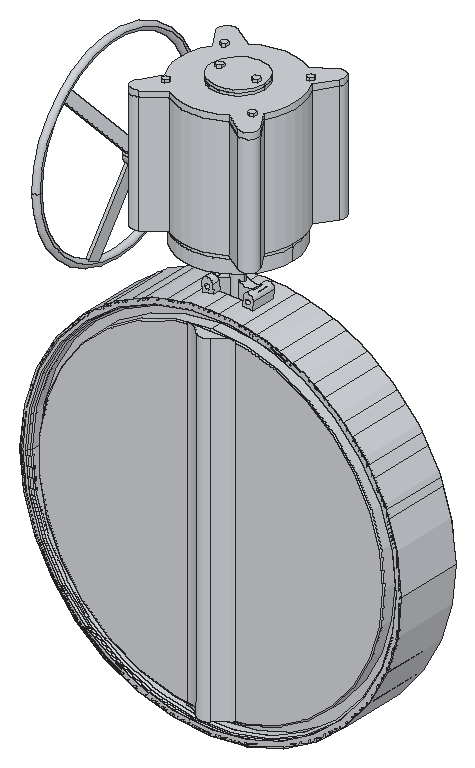
Revit family "R59WX050", category Plumbing Fixtures, Revit 2015
Reference planes
  plane 1 "Center (Front/Back)": y = 0
  plane 2: z = 0
  plane 3 "Center (Left/Right)": x = 0
  plane 4: z = 480
  plane 5: z = 730
  plane 6: z = 187
  plane 7: z = -388
  plane 8: z = -30
  plane 9: z = 536.038
  plane 10: z = -30
  plane 11: y = -17.262
  plane 12: y = 17.262
  plane 13: x = -105
  plane 14: z = 744
  plane 15: x = 226
  plane 16: y = -64.287
  plane 17: y = 62.713
  plane 18: z = 455
  plane 19: x = -241
  plane 20: z = 342
Forms (mm)
  Extrusion 1, solid
    sketch origin (0, 0, 462.391) x (1, 0, 0) y (0, 1, 0)
      loop
        circle (0, 0) r 105
    from -7.391 to 17.609
  Extrusion 2, solid
    sketch origin (0, 0, -76.95) x (1, 0, 0) y (0, 1, 0)
      loop
        circle (0, 0) r 12
    from 437.861 to 531.95
  Revolve 3, solid
    sketch origin (0, 0, 0) x (0, 1, 0) y (0, 0, 1)
      loop
        line (-39.5, -358.688) -> (39.5, -358.688) -> (39.5, -329.679) -> (60.986, -329.679)
        arc (60.986, -329.679) -> (62.207, -329.173) -> (62.713, -327.951) r 1.728
        line (62.713, -327.951) -> (62.713, 0) -> (-64.287, 0) -> (-64.287, -327.951)
        arc (-64.287, -327.951) -> (-63.781, -329.173) -> (-62.559, -329.679) r 1.728
        line (-62.559, -329.679) -> (-39.5, -329.679) -> (-39.5, -358.688)
      axis (62.713, 0) -> (-64.287, 0)
    angle from 0 to 360
  Extrusion 4, solid
    sketch origin (-32.126, 28.082, 299.981) x (0.933413, 0, -0.358805) y (0.358805, 0, 0.933413)
      loop
        line (-18.251, 60.114) -> (-25.459, 74.264)
        arc (-25.459, 74.264) -> (-38.908, 78.635) -> (-43.28, 65.186) r 10
        line (-43.28, 65.186) -> (-36.072, 51.036) -> (-18.251, 60.114)
      loop
        circle (-32.1, 65.269) r 5
    from -10.991 to 37.009
  Extrusion 5, solid
    sketch origin (18.896, -132.284, 489.391) x (-0.707107, -0.707107, 0) y (0.707107, -0.707107, 0)
      loop
        line (6.619, -122.207) -> (1.336, -117.615) -> (-5.283, -119.894) -> (-6.619, -126.765) -> (-1.336, -131.358) -> (5.283, -129.079) -> (6.619, -122.207)
    from 0 to 3.746
  Extrusion 6, solid
    sketch origin (18.896, -132.284, 468.391) x (-0.707107, -0.707107, 0) y (0.707107, -0.707107, 0)
      loop
        circle (0, -124.486) r 3
    from -20.186 to 21
  Extrusion 7, solid
    sketch origin (18.896, -132.284, 454) x (-0.707107, -0.707107, 0) y (0.707107, -0.707107, 0)
      loop
        line (3.99, -123.113) -> (0.805, -120.344) -> (-3.184, -121.718) -> (-3.99, -125.86) -> (-0.805, -128.628) -> (3.184, -127.254) -> (3.99, -123.113)
      loop
        line (-3.444, -125.672) -> (-0.695, -128.061) -> (2.749, -126.876) -> (3.444, -123.301) -> (0.695, -120.911) -> (-2.749, -122.097) -> (-3.444, -125.672)
    from -1.968 to 1
  Extrusion 8, solid
    sketch origin (49.205, -126.837, 615.966) x (-0.707107, -0.707107, 0) y (0.707107, -0.707107, 0)
      loop
        line (-80.879, -231.371) -> (-71.737, -274.379)
        arc (-71.737, -274.379) -> (-54.895, -288.018) -> (-38.053, -274.379) r 17.218
        line (-38.053, -274.379) -> (-28.912, -231.371)
        arc (-28.912, -231.371) -> (22.88, -202.269) -> (51.985, -150.479) r 109.994
        line (51.985, -150.479) -> (95.021, -141.332)
        arc (95.021, -141.332) -> (108.659, -124.49) -> (95.021, -107.648) r 17.218
        line (95.021, -107.648) -> (51.988, -98.501)
        arc (51.988, -98.501) -> (22.886, -46.703) -> (-28.909, -17.596) r 109.994
        line (-28.909, -17.596) -> (-38.053, 25.426)
        arc (-38.053, 25.426) -> (-54.895, 39.064) -> (-71.737, 25.426) r 17.218
        line (-71.737, 25.426) -> (-80.882, -17.596)
        arc (-80.882, -17.596) -> (-132.673, -46.699) -> (-161.775, -98.49) r 109.994
        line (-161.775, -98.49) -> (-204.798, -107.635)
        arc (-204.798, -107.635) -> (-218.436, -124.477) -> (-204.798, -141.318) r 17.218
        line (-204.798, -141.318) -> (-161.779, -150.462)
        arc (-161.779, -150.462) -> (-132.677, -202.263) -> (-80.879, -231.371) r 109.994
    from -126.575 to 101.703
  Sweep 9, solid
    path origin (0, 0, 0) x (1, 0, 0) y (0, 0, 1)
      loop
        circle (0, 0) r 364
    profile origin (0, 0, -364) x (0, 0, 1) y (0, -1, 0)
      loop
        line (10.888, -62.713) -> (12.517, -60.371) -> (13.454, -56.874) -> (16.683, -53.645) -> (16.683, 55.218) -> (13.454, 58.447) -> (12.517, 61.945) -> (10.888, 64.287) -> (0.625, 64.287) -> (0.625, -62.713) -> (10.888, -62.713)
  Extrusion 10, solid
    sketch origin (0, 0, 301.215) x (1, 0, 0) y (0, 0, 1)
      loop
        line (-27.454, 59.697) -> (28.665, 59.697) -> (37.875, 86.446)
        arc (37.875, 86.446) -> (15.623, 86.938) -> (0.632, 103.389) r 28.254
        arc (0.632, 103.389) -> (-16.161, 86.192) -> (-40.117, 88.147) r 28.254
        line (-40.117, 88.147) -> (-27.454, 59.697)
    from -7.881 to 9.454
  Sweep 11, solid
    path origin (-0.002, 0, 0) x (1, 0, 0) y (0, 0, 1)
      loop
        circle (0, 0) r 364
    profile origin (-0.002, 0, -364) x (0, 0, 1) y (0, -1, 0)
      loop
        line (0, 64.287) -> (0, -62.713) -> (3.927, -62.713) -> (3.927, 64.287) -> (0, 64.287)
  Extrusion 12, solid
    sketch origin (-27.966, 28.082, -300.397) x (-0.843784, 0, 0.536683) y (-0.536683, 0, -0.843784)
      loop
        line (-18.251, 60.114) -> (-25.459, 74.264)
        arc (-25.459, 74.264) -> (-38.908, 78.635) -> (-43.28, 65.186) r 10
        line (-43.28, 65.186) -> (-36.072, 51.036) -> (-18.251, 60.114)
      loop
        circle (-32.1, 65.269) r 5
    from -10.991 to 37.009
  Extrusion 13, solid
    sketch origin (157.284, 43.896, 489.391) x (0.707107, -0.707107, 0) y (0.707107, 0.707107, 0)
      loop
        line (6.619, -122.207) -> (1.336, -117.615) -> (-5.283, -119.894) -> (-6.619, -126.765) -> (-1.336, -131.358) -> (5.283, -129.079) -> (6.619, -122.207)
    from 0 to 3.746
  Extrusion 14, solid
    sketch origin (157.284, 43.896, 468.391) x (0.707107, -0.707107, 0) y (0.707107, 0.707107, 0)
      loop
        circle (0, -124.486) r 3
    from -20.186 to 21
  Extrusion 15, solid
    sketch origin (157.284, 43.896, 454) x (0.707107, -0.707107, 0) y (0.707107, 0.707107, 0)
      loop
        line (3.99, -123.113) -> (0.805, -120.344) -> (-3.184, -121.718) -> (-3.99, -125.86) -> (-0.805, -128.628) -> (3.184, -127.254) -> (3.99, -123.113)
      loop
        line (-3.444, -125.672) -> (-0.695, -128.061) -> (2.749, -126.876) -> (3.444, -123.301) -> (0.695, -120.911) -> (-2.749, -122.097) -> (-3.444, -125.672)
    from -1.968 to 1
  Extrusion 16, solid
    sketch origin (-18.896, 132.284, 489.391) x (0.707107, 0.707107, 0) y (-0.707107, 0.707107, 0)
      loop
        line (6.619, -122.207) -> (1.336, -117.615) -> (-5.283, -119.894) -> (-6.619, -126.765) -> (-1.336, -131.358) -> (5.283, -129.079) -> (6.619, -122.207)
    from 0 to 3.746
  Extrusion 17, solid
    sketch origin (-18.896, 132.284, 468.391) x (0.707107, 0.707107, 0) y (-0.707107, 0.707107, 0)
      loop
        circle (0, -124.486) r 3
    from -20.186 to 21
  Extrusion 18, solid
    sketch origin (-18.896, 132.284, 454) x (0.707107, 0.707107, 0) y (-0.707107, 0.707107, 0)
      loop
        line (3.99, -123.113) -> (0.805, -120.344) -> (-3.184, -121.718) -> (-3.99, -125.86) -> (-0.805, -128.628) -> (3.184, -127.254) -> (3.99, -123.113)
      loop
        line (-3.444, -125.672) -> (-0.695, -128.061) -> (2.749, -126.876) -> (3.444, -123.301) -> (0.695, -120.911) -> (-2.749, -122.097) -> (-3.444, -125.672)
    from -1.968 to 1
  Extrusion 19, solid
    sketch origin (-157.284, -43.896, 489.391) x (-0.707107, 0.707107, 0) y (-0.707107, -0.707107, 0)
      loop
        line (6.619, -122.207) -> (1.336, -117.615) -> (-5.283, -119.894) -> (-6.619, -126.765) -> (-1.336, -131.358) -> (5.283, -129.079) -> (6.619, -122.207)
    from 0 to 3.746
  Extrusion 20, solid
    sketch origin (-157.284, -43.896, 468.391) x (-0.707107, 0.707107, 0) y (-0.707107, -0.707107, 0)
      loop
        circle (0, -124.486) r 3
    from -20.186 to 21
  Extrusion 21, solid
    sketch origin (-157.284, -43.896, 454) x (-0.707107, 0.707107, 0) y (-0.707107, -0.707107, 0)
      loop
        line (3.99, -123.113) -> (0.805, -120.344) -> (-3.184, -121.718) -> (-3.99, -125.86) -> (-0.805, -128.628) -> (3.184, -127.254) -> (3.99, -123.113)
      loop
        line (-3.444, -125.672) -> (-0.695, -128.061) -> (2.749, -126.876) -> (3.444, -123.301) -> (0.695, -120.911) -> (-2.749, -122.097) -> (-3.444, -125.672)
    from -1.968 to 1
  Extrusion 22, solid
    sketch origin (-5.763, 157.917, 728.616) x (0.707107, 0.707107, 0) y (-0.707107, 0.707107, 0)
      loop
        line (6.619, -122.207) -> (1.336, -117.615) -> (-5.283, -119.894) -> (-6.619, -126.765) -> (-1.336, -131.358) -> (5.283, -129.079) -> (6.619, -122.207)
    from 0 to 4.617
  Extrusion 23, solid
    sketch origin (-5.763, 157.917, 614.045) x (0.707107, 0.707107, 0) y (-0.707107, 0.707107, 0)
      loop
        circle (0, -124.486) r 3
    from 66.681 to 114.571
  Extrusion 24, solid
    sketch origin (170.417, 18.263, 728.616) x (0.707107, -0.707107, 0) y (0.707107, 0.707107, 0)
      loop
        line (6.619, -122.207) -> (1.336, -117.615) -> (-5.283, -119.894) -> (-6.619, -126.765) -> (-1.336, -131.358) -> (5.283, -129.079) -> (6.619, -122.207)
    from 0 to 4.617
  Extrusion 25, solid
    sketch origin (170.417, 18.263, 614.045) x (0.707107, -0.707107, 0) y (0.707107, 0.707107, 0)
      loop
        circle (0, -124.486) r 3
    from 66.681 to 114.571
  Extrusion 26, solid
    sketch origin (5.763, -157.917, 728.616) x (-0.707107, -0.707107, 0) y (0.707107, -0.707107, 0)
      loop
        line (6.619, -122.207) -> (1.336, -117.615) -> (-5.283, -119.894) -> (-6.619, -126.765) -> (-1.336, -131.358) -> (5.283, -129.079) -> (6.619, -122.207)
    from 0 to 4.617
  Extrusion 27, solid
    sketch origin (5.763, -157.917, 614.045) x (-0.707107, -0.707107, 0) y (0.707107, -0.707107, 0)
      loop
        circle (0, -124.486) r 3
    from 66.681 to 114.571
  Extrusion 28, solid
    sketch origin (-170.417, -18.263, 728.616) x (-0.707107, 0.707107, 0) y (-0.707107, -0.707107, 0)
      loop
        line (6.619, -122.207) -> (1.336, -117.615) -> (-5.283, -119.894) -> (-6.619, -126.765) -> (-1.336, -131.358) -> (5.283, -129.079) -> (6.619, -122.207)
    from 0 to 4.617
  Extrusion 29, solid
    sketch origin (-170.417, -18.263, 614.045) x (-0.707107, 0.707107, 0) y (-0.707107, -0.707107, 0)
      loop
        circle (0, -124.486) r 3
    from 66.681 to 114.571
  Extrusion 30, solid
    sketch origin (4.994, 0, 138.038) x (0, 1, 0) y (0, 0, -1)
      loop
        circle (0, -398) r 6
    from 74.348 to 199.367
  Sweep 31, solid
    path origin (-234.067, 0, 127.266) x (0, 1, 0) y (0, 0, -1)
      loop
        circle (0, -408.772) r 187
    profile origin (-234.067, 0, 723.038) x (0, 0, 1) y (-1, 0, 0)
      loop
        circle (0, 0) r 7
  Extrusion 32, solid
    sketch origin (-3.067, 0, 138.038) x (0, 1, 0) y (0, 0, -1)
      loop
        circle (0, -398) r 20
    from 166.378 to 201.654
  Extrusion 33, solid
    sketch origin (8.701, -165.594, 378.806) x (0.996525, 0.083294, -0.000135) y (-0.05437, 0.64925, -0.758629)
      loop
        line (-182.932, 4.168) -> (-189.521, 6.043) -> (-239.457, -181.426) -> (-232.868, -183.3) -> (-182.932, 4.168)
    from 230.215 to 251.867
  Extrusion 34, solid
    sketch origin (-122.734, -88.025, 739.383) x (-0.707107, 0.707107, 0) y (-0.707107, -0.707107, 0)
      loop
        line (6.619, -122.207) -> (1.336, -117.615) -> (-5.283, -119.894) -> (-6.619, -126.765) -> (-1.336, -131.358) -> (5.283, -129.079) -> (6.619, -122.207)
    from 0 to 4.617
  Extrusion 35, solid
    sketch origin (-122.734, -88.025, 624.811) x (-0.707107, 0.707107, 0) y (-0.707107, -0.707107, 0)
      loop
        circle (0, -124.486) r 3
    from 66.681 to 114.571
  Extrusion 36, solid
    sketch origin (122.679, -51.499, 739.383) x (0.707107, -0.707107, 0) y (0.707107, 0.707107, 0)
      loop
        line (-96.38, -19.209) -> (-103.251, -20.545) -> (-105.53, -27.163) -> (-100.938, -32.446) -> (-94.066, -31.111) -> (-91.787, -24.492) -> (-96.38, -19.209)
    from 0 to 4.617
  Extrusion 37, solid
    sketch origin (-122.734, -88.025, 624.811) x (-0.707107, 0.707107, 0) y (-0.707107, -0.707107, 0)
      loop
        circle (-49.047, -173.533) r 3
    from 66.681 to 114.571
  Extrusion 38, solid
    sketch origin (0, 36.3, 0) x (1, 0, 0) y (0, 1, 0)
      loop
        line (-45.752, 26.413) -> (45.661, 26.413)
        arc (45.661, 26.413) -> (27.976, 32.661) -> (13.756, 44.892) r 50.889
        arc (13.756, 44.892) -> (-0.248, 51.523) -> (-14.1, 44.579) r 17.686
        arc (-14.1, 44.579) -> (-28.242, 32.561) -> (-45.752, 26.413) r 50.889
    from -326.549 to 327
  Extrusion 39, solid
    sketch origin (0, 0, 727.256) x (1, 0, 0) y (0, 1, 0)
      loop
        circle (0, 0) r 50
    from 1.36 to 6.196
  Extrusion 40, solid
    sketch origin (0, 0, 734.383) x (1, 0, 0) y (0, 1, 0)
      loop
        circle (0, 0) r 50
    from 0.001 to 5
  Extrusion 41, solid
    sketch origin (0, 0, 729.888) x (1, 0, 0) y (0, 1, 0)
      loop
        circle (0, 0) r 43.203
    from 3.565 to 4.496
  Extrusion 42, solid
    sketch origin (8.701, 220.055, 473.136) x (0.996525, -0.04153, 0.072203) y (-0.05437, 0.332367, 0.941582)
      loop
        line (-182.932, 4.168) -> (-189.521, 6.043) -> (-239.457, -181.426) -> (-232.868, -183.3) -> (-182.932, 4.168)
    from 230.215 to 251.867
  Extrusion 43, solid
    sketch origin (8.701, -54.461, 759.953) x (0.996525, -0.041764, -0.072067) y (-0.05437, -0.981617, -0.182952)
      loop
        line (-182.932, 4.168) -> (-189.521, 6.043) -> (-239.457, -181.426) -> (-232.868, -183.3) -> (-182.932, 4.168)
    from 230.215 to 251.867
  Extrusion 44, solid
    sketch origin (0, 0, 487.391) x (1, 0, 0) y (0, 1, 0)
      loop
        circle (0, 0) r 105
    from -7.391 to 2
  Extrusion 45, solid
    sketch origin (49.205, -126.837, 669.598) x (-0.707107, -0.707107, 0) y (0.707107, -0.707107, 0)
      loop
        line (-80.879, -231.371) -> (-71.737, -274.379)
        arc (-71.737, -274.379) -> (-54.895, -288.018) -> (-38.053, -274.379) r 17.218
        line (-38.053, -274.379) -> (-28.912, -231.371)
        arc (-28.912, -231.371) -> (22.88, -202.269) -> (51.985, -150.479) r 109.994
        line (51.985, -150.479) -> (95.021, -141.332)
        arc (95.021, -141.332) -> (108.659, -124.49) -> (95.021, -107.648) r 17.218
        line (95.021, -107.648) -> (51.988, -98.501)
        arc (51.988, -98.501) -> (22.886, -46.703) -> (-28.909, -17.596) r 109.994
        line (-28.909, -17.596) -> (-38.053, 25.426)
        arc (-38.053, 25.426) -> (-54.895, 39.064) -> (-71.737, 25.426) r 17.218
        line (-71.737, 25.426) -> (-80.882, -17.596)
        arc (-80.882, -17.596) -> (-132.673, -46.699) -> (-161.775, -98.49) r 109.994
        line (-161.775, -98.49) -> (-204.798, -107.635)
        arc (-204.798, -107.635) -> (-218.436, -124.477) -> (-204.798, -141.318) r 17.218
        line (-204.798, -141.318) -> (-161.779, -150.462)
        arc (-161.779, -150.462) -> (-132.677, -202.263) -> (-80.879, -231.371) r 109.994
    from 48.072 to 59.018
  Extrusion 46, solid
    sketch origin (32.126, -23.046, 299.981) x (-0.933413, 0, -0.358805) y (-0.358805, 0, 0.933413)
      loop
        line (-18.251, 60.114) -> (-25.459, 74.264)
        arc (-25.459, 74.264) -> (-38.908, 78.635) -> (-43.28, 65.186) r 10
        line (-43.28, 65.186) -> (-36.072, 51.036) -> (-18.251, 60.114)
      loop
        circle (-32.1, 65.269) r 5
    from -10.991 to 37.009
  Extrusion 47, solid
    sketch origin (27.966, -23.046, -300.397) x (0.843784, 0, 0.536683) y (0.536683, 0, -0.843784)
      loop
        line (-18.251, 60.114) -> (-25.459, 74.264)
        arc (-25.459, 74.264) -> (-38.908, 78.635) -> (-43.28, 65.186) r 10
        line (-43.28, 65.186) -> (-36.072, 51.036) -> (-18.251, 60.114)
      loop
        circle (-32.1, 65.269) r 5
    from -10.991 to 37.009
  Extrusion 48, solid
    sketch origin (0, 0, -295.779) x (1, 0, 0) y (0, 0, 1)
      loop
        line (-24.085, -63.275) -> (-34.325, -86.281)
        arc (-34.325, -86.281) -> (-26.785, -88.806) -> (-19.604, -92.221) r 65.798
        line (-19.604, -92.221) -> (18.979, -92.221)
        arc (18.979, -92.221) -> (26.384, -88.716) -> (34.166, -86.158) r 65.798
        line (34.166, -86.158) -> (23.981, -63.275) -> (-24.085, -63.275)
    from -7.881 to 9.454
  Extrusion 49, solid
    sketch origin (0, -37.863, 0) x (1, 0, 0) y (0, 1, 0)
      loop
        arc (-45.752, -26.413) -> (-28.242, -32.561) -> (-14.1, -44.579) r 50.889
        arc (-14.1, -44.579) -> (-0.248, -51.523) -> (13.756, -44.892) r 17.686
        arc (13.756, -44.892) -> (27.976, -32.661) -> (45.661, -26.413) r 50.889
        line (45.661, -26.413) -> (-45.752, -26.413)
    from -326.549 to 327
Dimensions and locks
  plane 2 to plane 4 = 480 mm
  level to plane 5 = 730 mm
  plane 7 to level = 388 mm
  plane 17 to plane 16 = 127 mm
  locked: plane 18 to plane 4 at 25
  plane 15 to plane 3 "Center (Left/Right)" = 226 mm
  locked: plane 4 to plane 14 at 264
  locked: plane 3 "Center (Left/Right)" to plane 19 at 241
  locked: plane 20 to plane 5 at 388
  aligned and locked: level to plane 2
